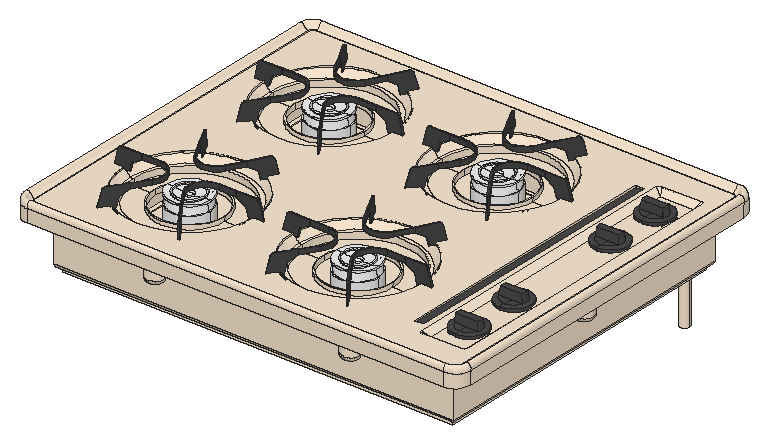
Revit family "QF_Summit_SNL03P_Cooktop", category Specialty Equipment, Revit 2020 (continued)
Definition of nested family "Summit_Burner"
  Automatic sketch dimensions
    plane 8 "Center X" to curve 18 = 0.00072"
    curve 18 to curve 19 = 0.00005"
    curve 31 to curve 11 = 0.00029"
    curve 31 to curve 32 = 0.0001"
    plane 8 "Center X" to curve 26 = 0.00012"
    curve 36 to plane 8 "Center X" = 0"
    curve 37 to plane 8 "Center X" = 0"
    curve 28 to plane 8 "Center X" = 0.00005"
    curve 28 to curve 30 = 0"
    curve 28 to curve 29 = 0"
    curve 37 to curve 23 = 0.00008"
    curve 23 to curve 21 = 0.00002"
    curve 21 to curve 20 = 0.00003"
    curve 30 to curve 16 = 0.00015"
    curve 32 to curve 20 = 0.08532"
    curve 21 to curve 32 = 0.00683"
    curve 31 to curve 21 = 0.0725"
    curve 12 to curve 11 = 0.00194"
    curve 34 to curve 12 = 0.06053"
    curve 33 to curve 12 = 0.06852"
    curve 10 to curve 11 = 0.27562"
    curve 30 to curve 23 = 0.05436"
    curve 35 to curve 10 = 0.05987"
    curve 32 to curve 33 = 0.01816"
    curve 34 to curve 32 = 0.06703"
    curve 31 to curve 34 = 0.0111"
    curve 29 to curve 25 = 0.0546"
    curve 26 to curve 25 = 0.14085"
    curve 36 to curve 9 = 0.05612"
    curve 28 to curve 26 = 0.05462"
    curve 8 to curve 36 = 0.11219"
    curve 37 to curve 8 = 0.0556"
    curve 30 to curve 35 = 0.00104"
    curve 29 to curve 36 = 0.00067"
    curve 28 to curve 37 = 0.00063"
    curve 18 to curve 21 = 0.00535"
    curve 21 to curve 19 = 0.07323"
    curve 11 to curve 12 = 0.0019"
    curve 12 to curve 14 = 0.06051"
    curve 12 to curve 13 = 0.06855"
    curve 11 to curve 10 = 0.3055"
    curve 23 to curve 22 = 0.06833"
    curve 10 to curve 15 = 0.04534"
    curve 13 to curve 18 = 0.01507"
    curve 18 to curve 14 = 0.07001"
    curve 19 to plane 8 "Center X" = 0.08242"
    curve 25 to curve 24 = 0.05466"
    curve 9 to curve 16 = 0.0538"
    curve 26 to curve 27 = 7/128"
    curve 9 to curve 8 = 0.16803"
    curve 8 to curve 17 = 0.04772"
    curve 15 to curve 22 = 0.00203"
    curve 16 to curve 24 = 0.0001"
    curve 17 to curve 27 = 0.00107"
    curve 30 to curve 35 = 0.06245"
    curve 29 to curve 36 = 0.06245"
    curve 28 to curve 37 = 0.06245"
    curve 18 to curve 14 = 0.0297"
    curve 32 to curve 34 = 0.03106"
    curve 12 to curve 34 = 0.04337"
    curve 14 to curve 11 = 0.04324"
    curve 15 to curve 10 = 0.02225"
    curve 16 to curve 9 = 0.03201"
    curve 17 to curve 8 = 0.02894"
    Revolve 1 sketch curve to plane 7 "Center Y" = 0"  (x2)
    Revolve 1 sketch curve to Revolve 1 sketch curve = 0.23333"
    Revolve 1 sketch curve to plane 7 "Center Y" = 0.24695"
    Revolve 1 sketch curve to Revolve 1 sketch curve = 0.51345"
    Revolve 1 sketch curve to Revolve 1 sketch curve = 0.02917"
    Revolve 1 sketch curve to Revolve 1 sketch curve = 0.18246"
    Revolve 1 sketch curve to Revolve 1 sketch curve = 0.07859"
    Revolve 1 sketch curve to Revolve 1 sketch curve = 0.0713"
    Revolve 1 sketch curve to plane 6 "TOP" = 0.50892"
    Revolve 1 sketch curve to Revolve 1 sketch curve = 0.14989"
    Revolve 1 sketch curve to Revolve 1 sketch curve = 0.7"
    Revolve 1 sketch curve to Revolve 1 sketch curve = 0.05833"  (x2)
    plane 3 "LEFT" to Revolve 1 sketch curve = 0.74587"
    Revolve 1 sketch curve to Revolve 1 sketch curve = 0.1959"
    plane 3 "LEFT" to Revolve 1 sketch curve = 1/4"
    Revolve 1 sketch curve to plane 6 "TOP" = 0.53304"
    Revolve 1 sketch curve to Revolve 1 sketch curve = 0.02643"
    Revolve 1 sketch curve to plane 6 "TOP" = 0.8456"
    Revolve 1 sketch curve to Revolve 1 sketch curve = 0"  (x2)
    Revolve 1 sketch curve to Revolve 1 sketch curve = 0.20616"
    Revolve 1 sketch curve to Revolve 1 sketch curve = 1.38136"
    Revolve 1 sketch curve to Revolve 1 sketch curve = 0.0449"
    Revolve 1 sketch curve to Revolve 1 sketch curve = 0.35749"
    Revolve 1 sketch curve to Revolve 1 sketch curve = 0.07043"
    Revolve 1 sketch curve to Revolve 1 sketch curve = 0.03555"
    Revolve 1 sketch curve to Revolve 1 sketch curve = 0.07819"
    Revolve 1 sketch curve to Revolve 1 sketch curve = 0.04006"
    Revolve 1 sketch curve to Revolve 1 sketch curve = 0.01412"
    Revolve 1 sketch curve to Revolve 1 sketch curve = 0.0834"
    Extrusion 2 sketch curve to Extrusion 2 sketch curve = 0"  (x6)
    Extrusion 2 sketch curve to plane 7 "Center Y" = 0"
    plane 7 "Center Y" to Extrusion 2 sketch curve = 0.78533"
    plane 7 "Center Y" to Extrusion 2 sketch curve = 0.79697"
    Extrusion 2 sketch curve to Extrusion 2 sketch curve = 0.05518"  (x4)
    Extrusion 2 sketch curve to Extrusion 2 sketch curve = 0.05181"  (x4)
    Extrusion 2 sketch curve to Extrusion 2 sketch curve = 0.44677"  (x2)
    Extrusion 2 sketch curve to Extrusion 2 sketch curve = 0.54664"  (x2)
    Extrusion 2 sketch curve to plane 8 "Center X" = 1/32"
    Extrusion 2 sketch curve to Extrusion 2 sketch curve = 0.73738"  (x2)
    Extrusion 2 sketch curve to Extrusion 2 sketch curve = 0.95164"  (x2)
    Extrusion 2 sketch curve to plane 7 "Center Y" = 0.78533"
    Extrusion 2 sketch curve to plane 7 "Center Y" = 0.79697"
    plane 8 "Center X" to Extrusion 2 sketch curve = 1/32"
    plane 8 "Center X" to Extrusion 2 sketch curve = 1.39462"
    Extrusion 2 sketch curve to Extrusion 2 sketch curve = 0.02934"
    Extrusion 2 sketch curve to Extrusion 2 sketch curve = 0.41757"
    Extrusion 2 sketch curve to Extrusion 2 sketch curve = 1/16"  (x2)
    Extrusion 2 sketch curve to Extrusion 2 sketch curve = 0.88944"  (x2)
    plane 6 "TOP" to Extrusion 3 sketch curve = 1/4"
    plane 3 "LEFT" to Extrusion 3 sketch curve = 1.21219"
    Extrusion 3 sketch curve to plane 6 "TOP" = 0.05877"
    Extrusion 3 sketch curve to Extrusion 3 sketch curve = 0.53481"
    Extrusion 3 sketch curve to Extrusion 3 sketch curve = 0.12323"
    Extrusion 3 sketch curve to Extrusion 3 sketch curve = 1/4"
    Extrusion 3 sketch curve to Extrusion 3 sketch curve = 0.09613"
    plane 3 "LEFT" to Extrusion 3 sketch curve = 0.16348"
    Extrusion 3 sketch curve to plane 3 "LEFT" = 0.05937"
    Extrusion 3 sketch curve to plane 3 "LEFT" = 0.24994"
    Extrusion 3 sketch curve to plane 6 "TOP" = 0.43845"
    Extrusion 3 sketch curve to Extrusion 3 sketch curve = 0.11457"
    plane 6 "TOP" to Extrusion 3 sketch curve = 0.27032"
    Extrusion 3 sketch curve to Extrusion 3 sketch curve = 0.05556"
    plane 6 "TOP" to Extrusion 4 sketch curve = 1/4"
    Extrusion 4 sketch curve to plane 6 "TOP" = 0.05877"
    Extrusion 4 sketch curve to Extrusion 4 sketch curve = 0.53481"
    Extrusion 4 sketch curve to Extrusion 4 sketch curve = 0.12323"
    Extrusion 4 sketch curve to plane 6 "TOP" = 0.55301"
    Extrusion 4 sketch curve to Extrusion 4 sketch curve = 1/4"
    Extrusion 4 sketch curve to plane 6 "TOP" = 0.43845"
    Extrusion 4 sketch curve to Extrusion 4 sketch curve = 0.09613"
    plane 6 "TOP" to Extrusion 4 sketch curve = 0.27032"
    Extrusion 4 sketch curve to Extrusion 4 sketch curve = 0.5139"
    plane 6 "TOP" to Extrusion 4 sketch curve = 0.32589"
    Extrusion 4 sketch curve to Extrusion 4 sketch curve = 0.22285"
    Extrusion 4 sketch curve to Extrusion 4 sketch curve = 0.45796"
    plane 6 "TOP" to Extrusion 5 sketch curve = 1/4"
    plane 4 "RIGHT" to Extrusion 5 sketch curve = 1.21219"
    Extrusion 5 sketch curve to plane 6 "TOP" = 0.05877"
    Extrusion 5 sketch curve to Extrusion 5 sketch curve = 0.53481"
    Extrusion 5 sketch curve to Extrusion 5 sketch curve = 0.12323"
    Extrusion 5 sketch curve to Extrusion 5 sketch curve = 1/4"
    Extrusion 5 sketch curve to Extrusion 5 sketch curve = 0.09613"
    plane 4 "RIGHT" to Extrusion 5 sketch curve = 0.16348"
    Extrusion 5 sketch curve to plane 4 "RIGHT" = 0.05937"
    Extrusion 5 sketch curve to plane 4 "RIGHT" = 0.24994"
    plane 6 "TOP" to Extrusion 5 sketch curve = 0.27032"
    Extrusion 5 sketch curve to Extrusion 5 sketch curve = 0.05556"
    Extrusion 5 sketch curve to plane 6 "TOP" = 0.43845"
    Extrusion 5 sketch curve to Extrusion 5 sketch curve = 0.11457"
    plane 6 "TOP" to Extrusion 6 sketch curve = 1/4"
    Extrusion 6 sketch curve to plane 6 "TOP" = 0.05877"
    Extrusion 6 sketch curve to Extrusion 6 sketch curve = 0.53481"
    Extrusion 6 sketch curve to Extrusion 6 sketch curve = 0.12323"
    Extrusion 6 sketch curve to plane 6 "TOP" = 0.55301"
    Extrusion 6 sketch curve to Extrusion 6 sketch curve = 1/4"
    Extrusion 6 sketch curve to plane 6 "TOP" = 0.43845"
    Extrusion 6 sketch curve to Extrusion 6 sketch curve = 0.09613"
    plane 6 "TOP" to Extrusion 6 sketch curve = 0.27032"
    Extrusion 6 sketch curve to Extrusion 6 sketch curve = 0.5139"
    plane 6 "TOP" to Extrusion 6 sketch curve = 0.32589"
    Extrusion 6 sketch curve to Extrusion 6 sketch curve = 0.22285"
    Extrusion 6 sketch curve to Extrusion 6 sketch curve = 0.45796"
    plane 6 "TOP" to Extrusion 7 sketch curve = 1/4"
    Extrusion 7 sketch curve to plane 6 "TOP" = 0.05877"
    Extrusion 7 sketch curve to Extrusion 7 sketch curve = 0.53481"
    Extrusion 7 sketch curve to Extrusion 7 sketch curve = 0.12323"
    Extrusion 7 sketch curve to plane 6 "TOP" = 0.55301"
    Extrusion 7 sketch curve to Extrusion 7 sketch curve = 1/4"
    Extrusion 7 sketch curve to plane 6 "TOP" = 0.43845"
    Extrusion 7 sketch curve to Extrusion 7 sketch curve = 0.09613"
    plane 6 "TOP" to Extrusion 7 sketch curve = 0.27032"
    Extrusion 7 sketch curve to Extrusion 7 sketch curve = 0.5139"
    plane 6 "TOP" to Extrusion 7 sketch curve = 0.32589"
    Extrusion 7 sketch curve to Extrusion 7 sketch curve = 0.22285"
    Extrusion 7 sketch curve to Extrusion 7 sketch curve = 0.45796"
    plane 6 "TOP" to Extrusion 8 sketch curve = 1/4"
    Extrusion 8 sketch curve to plane 6 "TOP" = 0.05877"
    Extrusion 8 sketch curve to Extrusion 8 sketch curve = 0.53481"
    Extrusion 8 sketch curve to Extrusion 8 sketch curve = 0.12323"
    Extrusion 8 sketch curve to plane 6 "TOP" = 0.55301"
    Extrusion 8 sketch curve to Extrusion 8 sketch curve = 1/4"
    Extrusion 8 sketch curve to plane 6 "TOP" = 0.43845"
    Extrusion 8 sketch curve to Extrusion 8 sketch curve = 0.09613"
    plane 6 "TOP" to Extrusion 8 sketch curve = 0.27032"
    Extrusion 8 sketch curve to Extrusion 8 sketch curve = 0.5139"
    plane 6 "TOP" to Extrusion 8 sketch curve = 0.32589"
    Extrusion 8 sketch curve to Extrusion 8 sketch curve = 0.22285"
    Extrusion 8 sketch curve to Extrusion 8 sketch curve = 0.45796"
    curve 38 to curve 10 = 0.09124"
    curve 39 to curve 38 = 0.05181"
    curve 40 to curve 41 = 0.03495"
    curve 42 to plane 5 "FRONT" = 0.2744"
    curve 10 to curve 43 = 0.11316"
    curve 43 to curve 44 = 0"
    curve 44 to curve 43 = 0.05181"
    curve 45 to curve 9 = 0.5693"
    curve 45 to curve 46 = 0.03495"
    plane 8 "Center X" to curve 49 = 1/32"
    curve 49 to plane 4 "RIGHT" = 0.24994"
    curve 50 to plane 5 "FRONT" = 0.2744"
    curve 45 to curve 50 = 0.05181"
    curve 49 to plane 8 "Center X" = 1/32"
    curve 25 to curve 26 = 0.14084"
    curve 26 to curve 27 = 0.03027"
    curve 23 to curve 30 = 0.03089"
    curve 21 to curve 31 = 0.03066"
    curve 20 to curve 18 = 0.08679"
    curve 21 to curve 32 = 0.07353"
    curve 20 to curve 32 = 0.03085"
    curve 30 to curve 51 = 0.12572"
    curve 51 to curve 23 = 0.07139"
    curve 51 to curve 52 = 0.05518"
    curve 52 to curve 51 = 0.05518"
    curve 56 to curve 55 = 0.05518"
    plane 1 "BACK" to curve 57 = 0.1948"
    plane 1 "BACK" to curve 54 = 0.1948"
    radius of curve 2 = 0.80512"
    radius of curve 3 = 0.74678"
    radius of curve 4 = 0.23333"
